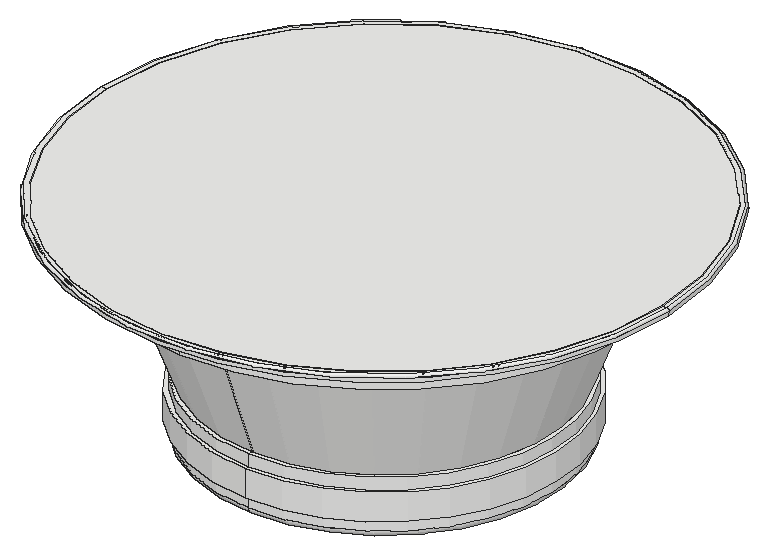
Revit family "Electronics_Commercial-Loudspeakers_Two-Way-Edge-Loudspeaker_CM1008D", category Communication Devices, host Face, Revit 2020
Family settings
  Host = Face
  Maintain Annotation Orientation = No
  Round Connector Dimension = Use Diameter
  Part Type = Normal
  OmniClass Number = 23.85.10.11.14.14.14
  OmniClass Title = Loudspeakers
  Cut with Voids When Loaded = No
  Shared = No
  Room Calculation Point = No
Parameters (values of type "CM1008D")
  Grill Material = Biamp - Plastic - White(Grid)
  Frequency response in Hz = "50 - 20K"  # constant formula
  Woofer size in inch = "8"  # constant formula
  Vertical dispersion angle 1000 Hz = "180°"  # constant formula
  Tweeter size in inch = "1"  # constant formula
  SPL 1W/1m in dB = "90"  # constant formula
  Max SPL 1m in dB = "107"  # constant formula
  Woofer cone material = "Polypropylene"  # constant formula
  Weight = 2.73373 lbf  # constant formula
  URL = "https://www.biamp.com/"
  Product data url = "https://bimobject.com/biamp/product/cm1008d_commercial-loudspeakers-ceiling"
  Product Page URL = "https://www.biamp.com/products/product-families/commercial-loudspeakers/ceiling-loudspeakers#cm1008d"
  Product Documentation Link = "https://downloads.biamp.com/assets/docs/default-source/data-sheets/biamp_data_sheet_cm1008d_aug20.pdf"
  Mounting system = "3 screws"  # constant formula
  Model = "CM1008D"  # constant formula
  Manufacturer = "Biamp"  # constant formula
  Main construction material = "ABS plastic"  # constant formula
  Low impedance dynamic power in watts = "100"  # constant formula
  Low impedance RMS power in watts = "60"  # constant formula
  Loudspeaker system = "2-way"  # constant formula
  Installation grip range in mm = "6 - 29"  # constant formula
  Impedance in ohms = "8"  # constant formula
  IP rating = "50"  # constant formula
  Housing Material = Biamp - Plastic - White
  Grille main material = "Steel"  # constant formula
  Diameter = 0' - 9.84252"  # constant formula
  Description = "CM1008D 8 Two-Way, Thin Edge Ceiling Loudspeaker, White"  # constant formula
  Depth = 0' - 3.54331"  # constant formula
  Default Elevation = 4' - 0"
  Cutout in mm = "151"  # constant formula
  Connector Description = "Terminal strip; Low impedance 8 ohms"  # constant formula
  Colour = "White"  # constant formula
  Closest RAL colour (subject to deviations) = "RAL9010"  # constant formula
  Applicable low impedance = "Yes"  # constant formula
Reference planes (in)
  plane 1 "Center (Front/Back)": y = 0
  plane 2: z = 0
  plane 3 "Center (Left/Right)": x = 0
Forms (in)
  Extrusion 1, solid, material "Biamp - Plastic - White" <- "Housing Material", detail levels coarse
    sketch origin (0, 0, 0) x (1, 0, 0) y (0, 1, 0)
      loop
        circle (0, 0) r 4.42462
    from -3.54331 to 0
  Extrusion 2, void
    sketch origin (0, 0, 0) x (1, 0, 0) y (0, 1, 0)
      loop
        circle (0, 0) r 4.42462
    from -3.54331 to 0
  Revolve 3, solid, material "Biamp - Plastic - White" <- "Housing Material", detail levels medium+fine
    sketch origin (0, 0, 0) x (1, 0, 0) y (0, 0, 1)
      loop
        line (0, 0) -> (0, 0.10089) -> (-4.8828, 0.10089)
        arc (-4.8828, 0.10089) -> (-4.91, 0.08962) -> (-4.92126, 0.06243) r 0.03846
        line (-4.92126, 0.06243) -> (-4.92126, 0) -> (0, 0)
      axis (0, 0) -> (0, 0.10089)
    angle from 0 to 360
  Revolve 4, solid, material "Biamp - Plastic - White" <- "Housing Material", detail levels medium+fine
    sketch origin (0, 0, 0) x (0, 1, 0) y (0, 0, 1)
      loop
        line (0, 0) -> (-4.42462, 0) -> (-4.42462, -0.3937) -> (-3.69441, -0.3937) -> (-2.84982, -2.59393) -> (-2.92172, -2.59393) -> (-2.92172, -2.79078) -> (-2.99014, -2.79078) -> (-2.99014, -3.24631) -> (-2.92172, -3.24631) -> (-2.92172, -3.42903)
        arc (-2.92172, -3.42903) -> (-2.88825, -3.50983) -> (-2.80744, -3.54331) r 0.11428
        line (-2.80744, -3.54331) -> (0, -3.54331) -> (0, 0)
      axis (0, 0) -> (0, -3.54331)
    angle from 0 to 360
  Extrusion 5, void
    sketch origin (0, 0.24606, 0) x (1, 0, 0) y (0, 1, 0)
      loop
        circle (0, -0.93002) r 0.59055
    from -3.72319 to -3.50842
  Revolve 6, solid, material "Biamp - Plastic - White" <- "Housing Material", detail levels coarse
    sketch origin (0, 0, 0) x (1, 0, 0) y (0, 0, 1)
      loop
        line (0, 0) -> (0, 0.10089) -> (-4.8828, 0.10089)
        arc (-4.8828, 0.10089) -> (-4.91, 0.08962) -> (-4.92126, 0.06243) r 0.03846
        line (-4.92126, 0.06243) -> (-4.92126, 0) -> (0, 0)
      axis (0, 0) -> (0, 0.10089)
    angle from 0 to 360
  Extrusion 7, void
    sketch origin (0, 0, 0) x (1, 0, 0) y (0, 1, 0)
      loop
        circle (0, 0) r 4.80315
    from 0 to 0.38008
  Extrusion 8, solid, material "Biamp - Plastic - White(Grid)" <- "Grill Material", detail levels medium+fine
    sketch origin (0, 0, 0) x (1, 0, 0) y (0, 1, 0)
      loop
        circle (0, 0) r 4.80315
    from 0 to 0.10089
Cuts and joins
  Extrusion 5, Extrusion 7 cuts Extrusion 1
  Extrusion 5, Extrusion 7 cuts Revolve 3
  Extrusion 5, Extrusion 7 cuts Revolve 4
Lines and regions (in)
  Masking region 1
    outline origin (0, 0, 0) x (1, 0, 0) y (0, 0, 1)
      loop
        line (-4.42983, 0) -> (-4.42983, -3.54331) -> (4.42844, -3.54331) -> (4.42844, 0) -> (-4.42983, 0)
  Masking region 2
    outline origin (0, 0, 0) x (1, 0, 0) y (0, 0, 1)
      loop
        line (-4.92227, 0) -> (4.92227, 0) -> (4.92227, 0.06237)
        arc (4.92227, 0.06237) -> (4.91099, 0.0896) -> (4.88375, 0.10089) r 0.03852
        line (4.88375, 0.10089) -> (-4.88375, 0.10089)
        arc (-4.88375, 0.10089) -> (-4.91099, 0.0896) -> (-4.92227, 0.06237) r 0.03852
        line (-4.92227, 0.06237) -> (-4.92227, 0)
  Masking region 3
    outline origin (0, 0, 0) x (1, 0, 0) y (0, 1, 0)
      loop
        circle (0, 0) r 4.92126
  Masking region 4
    outline origin (0, 0, 0) x (1, 0, 0) y (0, 1, 0)
      loop
        circle (0, 0) r 4.92126
      loop
        circle (0, 0) r 4.80315
Dimensions and locks (in)
  aligned and locked: plane 2 to host face
  aligned and locked: level to host face
Connectors (in)
  electrical at (0, -0.68396, -3.50842), driven by "Connector Description"
    settings: on cut or joined group of Extrusion 1, Extrusion 5, Extrusion 7, index 1, voltage 0 V, apparent load 0 VA, apparent load phase1 0 VA, apparent load phase2 0 VA, apparent load phase3 0 VA, power factor 1, load classification "Other", number of poles 1, system type 5, power factor state 1, is connector primary yes, connector utility no, sub classification motor no, connector description "Terminal strip; Low impedance 8 ohms"
